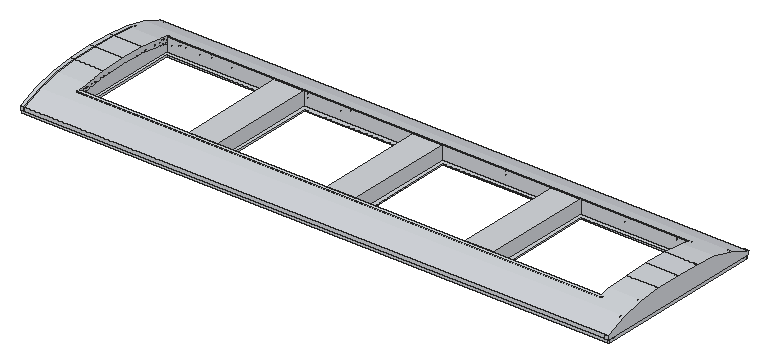
Revit family "Gira_021424", category Electrical Fixtures, host Face, Revit 2017
Family settings
  Host = Face
  Maintain Annotation Orientation = No
  Round Connector Dimension = Use Diameter
  Part Type = Normal
  Cut with Voids When Loaded = No
  Shared = No
  Room Calculation Point = No
Parameters (values of type "Cov.fr. 4-g interm.fr. AN Gira Event Opaque white")
  With mounting grid = "No"
  With hinged lid = "No"
  URL = "http://katalog.gira.de/en/datenblatt.html?artikelnr=021424"
  Type of fastening = "Clamp mounting"
  Transparent = "No"
  Surface protection = "Other"
  Suitable for wall duct = "No"
  Suitable for flush-mounted installation = "Yes"
  Suitable for floor box = "No"
  Suitable for built-in installation = "No"
  Number of units vertical = "4"
  Number of units horizontal = "4"
  Number of units = "4"
  Name = "Cov.fr. 4-g interm.fr. AN Gira Event Opaque white"
  Mounting direction = "Horizontal and vertical"
  Material quality = "Thermoplastic"
  Material = "Plastic"
  Manufacturer URL = "https://www.gira.de/"
  Manufacturer = "Gira"
  Label space/information surface = "No"
  Keynote = ""
  HeinzeBIM = "https://bimportal.heinze.de/bim/cov-fr-4-g-interm-fr-an-gira-event-opaque-white/6fcdf90ccfd1a595ccc90862a1378a769ea36363"
  Halogen free = "Yes"
  HAN = "021424"
  GTIN = "4010337214243"
  Description = "Cov.fr.4g i.fr.AN EvOp WH,Gira Event Opaque frames,white with anthracite intermediate frame,4-gang,Features:,- Shatter-proof."
  Degree of protection (IP) = "IP20"
  Default Elevation = 1219.2 mm
  Data sheet (1) = "https://katalog.gira.de/en/download.html?artikelnr=021424"
  Colour = "White"
  Category = "Cover frame for domestic switching devices"
  BIM (1) = "https://media.stage.bim.site/public/gira/36a6b08/Event_Rahmen_4fach.rfa"
  Available = "No"
Reference planes
  plane 1 "Center (Front/Back)": y = 0
  plane 2: z = 0
  plane 3 "Center (Left/Right)": x = 0
Forms (mm)
  Extrusion 1, solid, detail levels fine
    sketch origin (0, 0, 0.05) x (0, 1, 0) y (0, 0, 1)
      loop
        arc (12.445, 9.683) -> (6.223, 9.833) -> (0, 9.85) r 291.636
        arc (0, 9.85) -> (-6.223, 9.833) -> (-12.445, 9.683) r 291.636
        arc (-12.445, 9.683) -> (-29.14, 7.482) -> (-45, 1.823) r 79.728
        line (-45, 1.823) -> (-45, -0.05) -> (-42.086, -0.05)
        arc (-42.086, -0.05) -> (-21.385, 5.559) -> (0, 7.206) r 114.424
        arc (0, 7.206) -> (21.385, 5.559) -> (42.086, -0.05) r 114.424
        line (42.086, -0.05) -> (45, -0.05) -> (45, 1.823)
        arc (45, 1.823) -> (29.14, 7.482) -> (12.445, 9.683) r 79.728
    from -151.95 to 151.935
  Extrusion 2, void, detail levels fine
    sketch origin (0, 0, 0) x (1, 0, 0) y (0, 1, 0)
      loop
        line (134.95, 28.035) -> (-134.95, 28.035) -> (-134.95, -28.035) -> (134.95, -28.035) -> (134.95, 28.035)
    from 0.724 to 11
  Extrusion 3, solid, detail levels coarse
    sketch origin (0, 0, 0) x (1, 0, 0) y (0, 1, 0)
      loop
        line (-151.95, 45) -> (-151.95, -45) -> (151.935, -45) -> (151.935, 45) -> (-151.95, 45)
    from -1.5 to 9.9
  Extrusion 4, solid, detail levels medium
    sketch origin (0, 0, 0.05) x (0, 1, 0) y (0, 0, 1)
      loop
        arc (12.445, 9.683) -> (6.223, 9.833) -> (0, 9.85) r 291.636
        arc (0, 9.85) -> (-6.223, 9.833) -> (-12.445, 9.683) r 291.636
        arc (-12.445, 9.683) -> (-29.14, 7.482) -> (-45, 1.823) r 79.728
        line (-45, 1.823) -> (-45, -0.05) -> (45, -0.05) -> (45, 1.823)
        arc (45, 1.823) -> (29.14, 7.482) -> (12.445, 9.683) r 79.728
    from -151.95 to 151.935
  Extrusion 5, solid, detail levels fine
    sketch origin (-106.95, 0, -1.5) x (0, 1, 0) y (0, 0, -1)
      loop
        line (45, -3.373) -> (45, -1.5) -> (-45, -1.5) -> (-45, -3.373)
        arc (-45, -3.373) -> (-29.14, -9.032) -> (-12.445, -11.233) r 79.728
        arc (-12.445, -11.233) -> (-6.223, -11.383) -> (0, -11.4) r 291.636
        arc (0, -11.4) -> (6.223, -11.383) -> (12.445, -11.233) r 291.636
        arc (12.445, -11.233) -> (29.14, -9.032) -> (45, -3.373) r 79.728
    from 43 to 45
  Extrusion 6, solid, detail levels fine
    sketch origin (0, 0, 0) x (1, 0, 0) y (0, 1, 0)
      loop
        line (-132.85, 25.7) -> (-132.85, -25.7) -> (-81.05, -25.7) -> (-81.05, 25.7) -> (-132.85, 25.7)
      loop
        line (-9.755, -25.7) -> (-9.755, 25.7) -> (-61.555, 25.7) -> (-61.555, -25.7) -> (-9.755, -25.7)
      loop
        line (-135.845, 28.49) -> (-135.845, -28.495)
        spline (-135.845, -28.495) -> (-135.836, -28.625) -> (-135.811, -28.754) -> (-135.769, -28.878) -> (-135.711, -28.995) -> (-135.638, -29.104) -> (-135.552, -29.202) -> (-135.454, -29.288) -> (-135.345, -29.361) -> (-135.228, -29.419) -> (-135.104, -29.461) -> (-134.975, -29.486) -> (-134.845, -29.495)
        line (-134.845, -29.495) -> (134.845, -29.495)
        spline (134.845, -29.495) -> (134.975, -29.486) -> (135.104, -29.461) -> (135.228, -29.419) -> (135.345, -29.361) -> (135.454, -29.288) -> (135.552, -29.202) -> (135.638, -29.104) -> (135.711, -28.995) -> (135.769, -28.878) -> (135.811, -28.754) -> (135.836, -28.625) -> (135.845, -28.495)
        line (135.845, -28.495) -> (135.845, 28.49)
        spline (135.845, 28.49) -> (135.836, 28.62) -> (135.811, 28.748) -> (135.769, 28.872) -> (135.711, 28.99) -> (135.638, 29.098) -> (135.552, 29.197) -> (135.454, 29.283) -> (135.345, 29.356) -> (135.228, 29.413) -> (135.104, 29.456) -> (134.975, 29.481) -> (134.845, 29.49)
        line (134.845, 29.49) -> (-134.845, 29.49)
        spline (-134.845, 29.49) -> (-134.975, 29.481) -> (-135.104, 29.456) -> (-135.228, 29.413) -> (-135.345, 29.356) -> (-135.454, 29.283) -> (-135.552, 29.197) -> (-135.638, 29.098) -> (-135.711, 28.99) -> (-135.769, 28.872) -> (-135.811, 28.748) -> (-135.836, 28.62) -> (-135.845, 28.49)
      loop
        line (61.545, -25.7) -> (61.545, 25.7) -> (9.745, 25.7) -> (9.745, -25.7) -> (61.545, -25.7)
      loop
        line (132.85, -25.7) -> (132.85, 25.7) -> (81.05, 25.7) -> (81.05, -25.7) -> (132.85, -25.7)
    from 0.1 to 7.3
  Extrusion 7, solid
    sketch origin (0, 0, 0) x (1, 0, 0) y (0, 1, 0)
      loop
        arc (-151.65, -44.218) -> (-151.504, -44.572) -> (-151.15, -44.718) r 0.5
        line (-151.15, -44.718) -> (151.15, -44.718)
        arc (151.15, -44.718) -> (151.504, -44.572) -> (151.65, -44.218) r 0.5
        line (151.65, -44.218) -> (151.65, 44.182)
        arc (151.65, 44.182) -> (151.504, 44.535) -> (151.15, 44.682) r 0.5
        line (151.15, 44.682) -> (-151.15, 44.682)
        arc (-151.15, 44.682) -> (-151.504, 44.535) -> (-151.65, 44.182) r 0.5
        line (-151.65, 44.182) -> (-151.65, -44.218)
      loop
        line (-149.95, 42.982) -> (-149.95, -43.018) -> (149.95, -43.018) -> (149.95, 42.982) -> (-149.95, 42.982)
    from -1.5 to 0.5
  Extrusion 8, solid, detail levels fine
    sketch origin (106.935, 0, -1.5) x (0, 1, 0) y (0, 0, 1)
      loop
        arc (45, 3.373) -> (29.14, 9.032) -> (12.445, 11.233) r 79.728
        arc (12.445, 11.233) -> (6.223, 11.383) -> (0, 11.4) r 291.636
        arc (0, 11.4) -> (-6.223, 11.383) -> (-12.445, 11.233) r 291.636
        arc (-12.445, 11.233) -> (-29.14, 9.032) -> (-45, 3.373) r 79.728
        line (-45, 3.373) -> (-45, 1.5) -> (45, 1.5) -> (45, 3.373)
    from 43 to 45
  Extrusion 9, solid, detail levels medium
    sketch origin (0, 0, 0) x (1, 0, 0) y (0, 1, 0)
      loop
        line (-151.65, -44.718) -> (151.65, -44.718) -> (151.65, 44.682) -> (-151.65, 44.682) -> (-151.65, -44.718)
    from -1.5 to 0.5
  Extrusion 10, solid, detail levels fine
    sketch origin (-69.857, 0, 0) x (1, 0, 0) y (0, 1, 0)
      loop
        line (-8.943, 28.063) -> (-8.943, -27.937) -> (6.057, -27.937) -> (6.057, 28.063) -> (-8.943, 28.063)
    from 0.724 to 7.566
  Extrusion 11, solid, detail levels fine
    sketch origin (-1.443, 0, 0) x (-1, 0, 0) y (0, -1, 0)
      loop
        line (-8.943, -28.063) -> (6.057, -28.063) -> (6.057, 27.937) -> (-8.943, 27.937) -> (-8.943, -28.063)
    from 0.724 to 7.566
  Extrusion 12, solid, detail levels fine
    sketch origin (69.857, 0, 0) x (-1, 0, 0) y (0, -1, 0)
      loop
        line (-8.943, -28.063) -> (6.057, -28.063) -> (6.057, 27.937) -> (-8.943, 27.937) -> (-8.943, -28.063)
    from 0.724 to 7.566
Cuts and joins
  Extrusion 2 cuts Extrusion 1
  Extrusion 2 cuts Extrusion 6
Dimensions and locks
  aligned and locked: plane 2 to host face
  aligned and locked: level to host face
